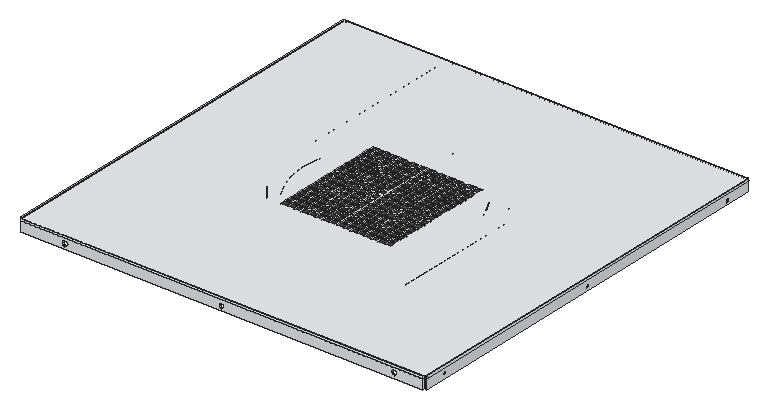
Revit family "DT22", category Communication Devices, host Face, Revit 2014 (continued)
Definition of nested family "ATLAS SOUND_DT22"
  Automatic sketch dimensions
    Extrusion 19 sketch curve to plane 1 "Center (Front/Back)" = 0.00"
    plane 14 to Extrusion 19 sketch curve = 0.28452"
    plane 6 to Extrusion 19 sketch curve = 1.45299"
    Extrusion 19 sketch curve to Extrusion 19 sketch curve = 1.32799"
    plane 14 to Extrusion 19 sketch curve = 0.23783"
    Extrusion 19 sketch curve to plane 5 = 1.6717"
    Extrusion 19 sketch curve to Extrusion 19 sketch curve = 1.5467"
    plane 14 to Extrusion 19 sketch curve = 0.22673"
    curve 629 to plane 7 = 0.00"
    curve 620 to plane 8 = 0.00"
    plane 7 to curve 9 = 0.05"
    plane 7 to curve 628 = 0.05"
    plane 11 to curve 13 = 2.395"
    curve 240 to curve 13 = 0.00"
    curve 82 to curve 13 = 0.00"
    plane 11 to curve 327 = 2.395"
    curve 138 to curve 139 = 0.00"
    curve 134 to plane 1 "Center (Front/Back)" = 0.58285"
    curve 134 to curve 138 = 0.00"
    curve 138 to curve 238 = 0.34339"
    curve 91 to curve 243 = 0.00"
    curve 122 to curve 124 = 0.34339"
    curve 84 to curve 90 = 0.00"
    plane 1 "Center (Front/Back)" to curve 448 = 0.29866"
    curve 133 to curve 448 = 0.40625"
    curve 90 to curve 167 = 0.06286"
    curve 12 to curve 15 = 0.40625"
    curve 477 to curve 445 = 0.00"
    curve 441 to curve 454 = 0.00"
    curve 238 to curve 246 = 0.06286"
    curve 439 to curve 421 = 0.00"
    curve 20 to curve 21 = 0.06286"
    curve 336 to curve 434 = 0.00"
    curve 456 to curve 421 = 0.00"
    curve 123 to curve 329 = 0.06286"
    curve 21 to curve 93 = 0.34339"
    curve 92 to curve 23 = 0.00"
    curve 452 to curve 451 = 0.34339"
    curve 448 to curve 449 = 0.00"
    curve 454 to curve 478 = 0.34339"
    curve 329 to curve 332 = 0.34339"
    curve 421 to curve 423 = 0.34339"
    curve 439 to curve 423 = 0.00"
    curve 244 to curve 246 = 0.34339"
    curve 436 to curve 330 = 0.00"
    curve 459 to curve 423 = 0.00"
    curve 15 to curve 24 = 0.39346"
    curve 331 to curve 333 = 0.05007"
    curve 423 to curve 422 = 0.05007"
    curve 437 to curve 418 = 0.05007"
    curve 23 to curve 207 = 0.05007"
    curve 458 to curve 464 = 0.05007"
    curve 92 to curve 168 = 0.05007"
    curve 144 to curve 146 = 0.34339"
    curve 25 to curve 87 = 0.34339"
    curve 461 to curve 462 = 0.34339"
    curve 88 to curve 26 = 0.00"
    curve 417 to curve 420 = 0.34339"
    curve 429 to curve 417 = 0.00"
    curve 333 to curve 341 = 0.34339"
    curve 428 to curve 431 = 0.06286"
    curve 89 to curve 209 = 0.06286"
    curve 146 to curve 150 = 0.06286"
    curve 463 to curve 468 = 0.06286"
    curve 24 to curve 28 = 0.06286"
    curve 340 to curve 345 = 0.06286"
    curve 416 to curve 431 = 0.00"
    curve 415 to curve 414 = 0.34339"
    curve 148 to curve 151 = 0.34339"
    curve 433 to curve 414 = 0.00"
    curve 28 to curve 28 = 0.34339"
    curve 342 to curve 345 = 0.34339"
    curve 210 to curve 148 = 0.00"
    curve 465 to curve 466 = 0.34339"
    curve 414 to curve 412 = 0.07565"
    curve 148 to curve 176 = 0.07565"
    curve 466 to curve 469 = 0.07565"
    curve 409 to curve 410 = 0.00"  (x2)
    curve 28 to curve 32 = 0.07565"
    curve 95 to curve 98 = 0.07565"
    curve 344 to curve 346 = 0.07565"
    curve 32 to curve 35 = 0.34339"
    curve 404 to curve 406 = 0.34339"
    curve 153 to curve 179 = 0.34339"
    curve 212 to curve 152 = 0.00"
    curve 410 to curve 410 = 0.34339"
    curve 346 to curve 349 = 0.34339"
    curve 100 to curve 102 = 0.06286"
    curve 152 to curve 156 = 0.06286"
    curve 347 to curve 392 = 0.06286"
    curve 410 to curve 394 = 0.06286"
    curve 160 to curve 157 = 0.00"
    curve 405 to curve 396 = 0.06286"
    curve 405 to curve 470 = 0.06286"
    curve 510 to plane 1 "Center (Front/Back)" = 0.13266"
    curve 446 to curve 510 = 1.28161"
    curve 507 to curve 509 = 0.00"
    curve 348 to curve 353 = 0.06286"
    curve 34 to curve 41 = 0.06286"
    curve 161 to curve 162 = 0.34339"
    curve 156 to curve 181 = 0.34339"
    curve 400 to curve 402 = 0.34339"
    curve 509 to curve 512 = 0.34339"
    curve 393 to curve 395 = 0.34339"
    curve 102 to curve 103 = 0.34339"
    curve 391 to curve 391 = 0.34339"
    curve 40 to curve 103 = 0.00"
    curve 351 to curve 390 = 0.00"
    curve 394 to curve 381 = 0.05007"
    curve 380 to curve 381 = 0.00"  (x2)
    curve 39 to curve 45 = 0.05007"
    curve 509 to curve 514 = 0.05007"
    curve 399 to curve 377 = 0.05007"
    curve 156 to curve 184 = 0.05007"
    curve 389 to curve 388 = 0.05007"
    curve 104 to curve 106 = 0.05007"
    curve 352 to curve 354 = 0.05007"
    curve 354 to curve 357 = 0.34339"
    curve 106 to curve 107 = 0.34339"
    curve 382 to curve 382 = 0.34339"
    curve 185 to curve 187 = 0.34339"
    curve 375 to curve 374 = 0.34339"
    curve 385 to curve 382 = 0.00"
    curve 42 to curve 43 = 0.34339"
    curve 236 to plane 3 "Center (Left/Right)" = 0.57904"
    curve 44 to curve 49 = 0.06286"
    curve 186 to curve 597 = 0.06286"
    curve 356 to curve 358 = 0.06286"
    curve 362 to curve 358 = 0.00"
    curve 107 to curve 110 = 0.06286"
    curve 186 to curve 191 = 0.06286"
    curve 374 to curve 371 = 0.06286"
    curve 190 to plane 3 "Center (Left/Right)" = 0.23565"
    curve 47 to plane 3 "Center (Left/Right)" = 0.23565"
    curve 313 to plane 3 "Center (Left/Right)" = 0.23565"
    curve 218 to curve 48 = 0.00"
    curve 596 to curve 313 = 0.00"
    curve 359 to plane 3 "Center (Left/Right)" = 0.23565"
    curve 362 to curve 359 = 0.00"
    curve 373 to plane 3 "Center (Left/Right)" = 0.23565"
    curve 368 to plane 3 "Center (Left/Right)" = 0.23565"
    curve 594 to curve 607 = 0.11065"
    curve 608 to curve 517 = 0.00"
    curve 235 to curve 286 = 0.00"
    curve 110 to curve 614 = 0.11065"
    curve 53 to curve 114 = 0.00"  (x2)
    curve 192 to curve 517 = 0.00"
    plane 3 "Center (Left/Right)" to curve 195 = 0.21839"
    plane 3 "Center (Left/Right)" to curve 114 = 0.21839"
    curve 604 to curve 194 = 0.00"
    plane 3 "Center (Left/Right)" to curve 284 = 0.21839"
    curve 237 to curve 605 = 0.00"
    plane 3 "Center (Left/Right)" to curve 493 = 0.28125"
    curve 494 to curve 491 = 0.00"
    curve 116 to curve 221 = 0.06286"
    plane 3 "Center (Left/Right)" to curve 487 = 0.28125"
    curve 193 to curve 198 = 0.06286"
    plane 3 "Center (Left/Right)" to curve 501 = 0.28125"
    curve 51 to curve 54 = 0.06286"
    curve 486 to curve 482 = 0.34339"
    curve 486 to curve 482 = 0.00"
    curve 118 to curve 118 = 0.34339"
    curve 490 to curve 488 = 0.00"
    curve 494 to curve 492 = 0.00"
    curve 498 to curve 496 = 0.00"
    curve 197 to curve 199 = 0.34339"
    curve 501 to curve 499 = 0.00"
    curve 57 to curve 118 = 0.00"
    curve 197 to curve 200 = 0.05007"
    curve 54 to curve 58 = 0.05007"
    curve 482 to curve 484 = 0.05007"
    curve 502 to curve 589 = 0.05007"
    curve 590 to curve 592 = 0.34339"
    curve 591 to curve 587 = 0.00"
    curve 200 to curve 202 = 0.34339"
    curve 58 to curve 59 = 0.34339"
    curve 601 to curve 60 = 0.00"
    curve 480 to curve 480 = 0.34339"
    curve 60 to curve 65 = 0.06286"
    curve 588 to curve 585 = 0.06286"
    curve 224 to curve 225 = 0.06286"
    curve 62 to curve 64 = 0.34339"
    curve 585 to curve 582 = 0.34339"
    curve 584 to curve 583 = 0.34339"
    curve 225 to curve 249 = 0.34339"
    curve 63 to curve 67 = 0.07565"
    curve 226 to curve 250 = 0.07565"
    curve 227 to curve 250 = 0.34339"
    curve 66 to curve 66 = 0.34339"
    curve 68 to curve 70 = 0.06286"
    curve 228 to curve 229 = 0.06286"
    curve 229 to curve 230 = 0.34339"
    curve 73 to curve 230 = 0.00"
    curve 230 to curve 536 = 0.05007"
    curve 72 to curve 74 = 0.05007"
    curve 256 to curve 231 = 0.00"
    curve 256 to curve 258 = 0.34339"
    curve 74 to curve 77 = 0.34339"
    curve 231 to curve 252 = 0.34339"
    curve 232 to curve 233 = 0.06286"
    curve 255 to curve 325 = 0.06286"
    curve 255 to curve 254 = 0.06286"
    curve 75 to curve 78 = 0.06286"
    curve 295 to curve 525 = 0.34339"
    curve 254 to curve 523 = 0.34339"
    curve 233 to curve 520 = 0.34339"
    curve 78 to curve 78 = 0.34339"
    curve 620 to plane 8 = 0.05369"
    curve 5 to plane 8 = 0.05"
    curve 10 to curve 11 = 0.00347"
    plane 13 to curve 123 = 2.44474"
    curve 123 to curve 329 = 0.00"
    curve 331 to curve 361 = 0.00"
    curve 360 to curve 590 = 0.00"
    curve 588 to curve 585 = 0.00"
    curve 331 to curve 333 = 0.00"  (x2)
    curve 357 to curve 358 = 0.00"
    curve 340 to curve 342 = 0.00"  (x2)
    curve 353 to curve 354 = 0.00"
    curve 344 to curve 346 = 0.00"  (x2)
    curve 348 to curve 348 = 0.36814"
    curve 347 to curve 350 = 0.00"
    curve 351 to curve 354 = 0.00"
    curve 355 to curve 358 = 0.00"
    curve 359 to curve 503 = 0.00"
    curve 588 to curve 588 = 0.36814"
    curve 125 to curve 329 = 0.00"
    curve 354 to curve 388 = 0.05813"
    curve 350 to curve 392 = 0.05813"
    curve 588 to curve 592 = 0.05813"
    curve 587 to curve 586 = 0.00"
    curve 330 to curve 334 = 0.05813"
    curve 359 to curve 366 = 0.05813"
    curve 499 to curve 592 = 0.00"
    curve 362 to curve 363 = 0.35264"
    curve 499 to curve 500 = 0.35264"
    curve 334 to curve 435 = 0.35264"
    curve 391 to curve 392 = 0.35264"
    curve 587 to curve 593 = 0.35264"
    curve 389 to curve 388 = 0.00"
    curve 335 to curve 434 = 0.06085"
    curve 385 to curve 384 = 0.06085"
    curve 437 to curve 420 = 0.00"
    curve 498 to curve 495 = 0.06085"
    curve 389 to curve 411 = 0.06085"
    curve 418 to curve 444 = 0.33075"
    curve 417 to curve 416 = 0.00"
    curve 411 to curve 413 = 0.33075"
    curve 439 to curve 417 = 0.00"
    curve 382 to curve 395 = 0.33075"
    curve 496 to curve 494 = 0.33075"
    curve 394 to curve 384 = 0.00"
    curve 494 to curve 493 = 0.062"
    curve 415 to curve 432 = 0.062"
    curve 381 to curve 368 = 0.062"
    curve 417 to curve 429 = 0.062"
    curve 381 to curve 379 = 0.062"
    curve 434 to curve 425 = 0.062"
    curve 393 to curve 397 = 0.062"
    curve 410 to curve 408 = 0.062"
    curve 422 to curve 443 = 0.34101"
    curve 442 to curve 422 = 0.00"
    curve 492 to curve 492 = 0.34101"
    curve 379 to curve 379 = 0.34101"
    curve 408 to curve 408 = 0.34101"
    curve 433 to curve 407 = 0.00"
    curve 368 to curve 370 = 0.34101"
    curve 407 to curve 396 = 0.00"
    curve 396 to curve 400 = 0.06778"
    curve 421 to curve 456 = 0.06778"
    curve 378 to curve 475 = 0.06778"
    curve 458 to curve 461 = 0.00"  (x2)
    curve 407 to curve 404 = 0.06778"
    curve 463 to curve 465 = 0.00"  (x2)
    curve 490 to curve 487 = 0.06778"
    curve 375 to curve 375 = 0.35651"
    curve 404 to curve 469 = 0.35651"
    curve 374 to curve 373 = 0.00"
    curve 467 to curve 403 = 0.00"
    curve 403 to curve 470 = 0.00"
    curve 488 to curve 489 = 0.35651"
    curve 457 to curve 453 = 0.07363"
    curve 486 to curve 485 = 0.07363"
    curve 482 to curve 481 = 0.00"
    curve 454 to curve 455 = 0.44177"
    curve 483 to curve 480 = 0.44177"
    curve 452 to curve 451 = 0.07513"
    curve 450 to curve 447 = 0.08761"
    plane 1 "Center (Front/Back)" to curve 512 = 0.29866"
    curve 447 to plane 1 "Center (Front/Back)" = 0.13266"
    curve 509 to curve 514 = 0.00"
    curve 133 to plane 1 "Center (Front/Back)" = 0.2308"
    curve 509 to curve 507 = 0.09814"
    curve 525 to plane 1 "Center (Front/Back)" = 0.65861"
    curve 519 to plane 1 "Center (Front/Back)" = 1.05077"
    curve 287 to curve 287 = 0.32977"
    curve 295 to curve 254 = 0.80215"
    curve 255 to curve 254 = 0.00"  (x2)
    curve 235 to curve 598 = 0.08022"
    curve 235 to curve 518 = 0.08022"
    curve 236 to curve 313 = 0.27496"
    curve 289 to curve 608 = 0.0459"
    curve 236 to curve 162 = 0.3924"
    curve 237 to curve 605 = 0.07154"
    curve 289 to curve 597 = 0.11744"
    curve 133 to curve 246 = 1.27032"
    curve 238 to curve 244 = 0.00"
    curve 517 to curve 607 = 0.30614"
    curve 161 to curve 160 = 0.30614"
    curve 596 to curve 597 = 0.30614"
    curve 160 to curve 180 = 0.07676"
    curve 179 to curve 157 = 0.00"
    curve 604 to curve 203 = 0.07676"
    curve 238 to curve 91 = 0.3829"
    curve 175 to curve 153 = 0.00"
    curve 171 to curve 149 = 0.00"
    curve 199 to curve 200 = 0.00"
    curve 91 to curve 167 = 0.00"
    curve 157 to curve 185 = 0.00"
    curve 186 to curve 188 = 0.00"
    curve 517 to curve 516 = 0.07676"
    curve 146 to curve 145 = 0.35651"
    curve 145 to curve 148 = 0.00"
    curve 142 to curve 144 = 0.00"
    curve 139 to curve 139 = 0.35651"
    curve 148 to curve 152 = 0.00"
    curve 152 to curve 156 = 0.00"
    curve 194 to curve 617 = 0.35651"
    curve 156 to curve 184 = 0.00"
    curve 184 to curve 188 = 0.00"
    curve 193 to curve 196 = 0.00"
    curve 196 to curve 200 = 0.00"
    curve 152 to curve 100 = 0.08913"
    curve 201 to curve 602 = 0.08913"
    curve 148 to curve 97 = 0.08913"
    curve 100 to curve 102 = 0.00"
    curve 224 to curve 249 = 0.00"
    curve 226 to curve 250 = 0.00"
    curve 228 to curve 251 = 0.00"
    curve 92 to curve 93 = 0.08913"
    curve 89 to curve 94 = 0.00"
    curve 230 to curve 252 = 0.00"
    curve 232 to curve 253 = 0.00"
    curve 90 to curve 18 = 0.08913"
    curve 104 to curve 106 = 0.00"  (x2)
    curve 222 to curve 248 = 0.00"
    curve 220 to curve 119 = 0.00"
    curve 189 to curve 218 = 0.08913"
    curve 119 to curve 119 = 0.3244"
    curve 616 to curve 118 = 0.00"
    curve 20 to curve 612 = 0.3244"
    curve 112 to curve 114 = 0.00"
    curve 108 to curve 110 = 0.00"
    curve 234 to curve 520 = 0.3244"
    curve 19 to curve 205 = 0.00"
    curve 101 to curve 102 = 0.00"
    curve 22 to curve 207 = 0.00"
    curve 88 to curve 209 = 0.00"
    curve 224 to curve 602 = 0.3244"
    curve 103 to curve 40 = 0.08913"
    curve 114 to curve 53 = 0.08913"
    curve 52 to curve 55 = 0.00"
    curve 98 to curve 36 = 0.08913"
    curve 56 to curve 58 = 0.00"
    curve 31 to curve 32 = 0.00"
    curve 60 to curve 62 = 0.00"
    curve 232 to curve 76 = 0.41353"
    curve 39 to curve 42 = 0.00"
    curve 64 to curve 67 = 0.00"
    curve 44 to curve 49 = 0.00"
    curve 234 to curve 79 = 0.08913"
    curve 87 to curve 29 = 0.00"
    curve 68 to curve 73 = 0.00"
    curve 18 to curve 13 = 0.08913"
    curve 13 to curve 16 = 0.00"
    curve 70 to curve 71 = 0.31476"
    curve 69 to curve 70 = 0.00"
    curve 44 to curve 44 = 0.31476"
    curve 25 to curve 24 = 0.31476"
    curve 16 to curve 16 = 0.31476"
    curve 13 to curve 14 = 0.31476"
    curve 24 to curve 28 = 0.00"
    curve 71 to curve 74 = 0.00"
    curve 75 to curve 80 = 0.00"
    curve 43 to curve 46 = 0.00"
    curve 47 to curve 50 = 0.00"
    curve 37 to curve 41 = 0.31476"
    curve 58 to curve 223 = 0.31476"
    curve 64 to curve 66 = 0.00"
    curve 28 to curve 32 = 0.00"
    curve 57 to curve 58 = 0.00"
    curve 623 to plane 5 = 0.125"
    curve 621 to plane 5 = 0.00"
    plane 7 to curve 621 = 0.12736"
    curve 628 to curve 627 = 0.07736"
    curve 622 to plane 5 = 0.05"
    curve 621 to curve 622 = 0.00608"
    curve 8 to curve 7 = 0.00608"
    curve 2 to plane 11 = 3.01"
    curve 137 to curve 138 = 0.00"
    curve 136 to curve 137 = 0.00"
    curve 135 to curve 136 = 0.00"
    curve 132 to curve 133 = 0.00"
    curve 131 to curve 132 = 0.00"
    curve 130 to curve 131 = 0.00"
    curve 129 to curve 456 = 0.40625"
    curve 128 to curve 129 = 0.00"
    curve 127 to curve 128 = 0.00"
    curve 126 to curve 127 = 0.00"
    curve 129 to curve 456 = 0.06286"
    curve 13 to curve 16 = 0.06286"
    curve 12 to curve 15 = 0.06286"
    curve 137 to curve 319 = 0.34339"
    curve 317 to curve 319 = 0.00"
    curve 317 to curve 318 = 0.06286"
    curve 449 to curve 445 = 0.00"
    curve 319 to curve 322 = 0.06286"
    curve 451 to curve 452 = 0.00"
    curve 324 to curve 318 = 0.00"
    curve 15 to curve 24 = 0.05007"
    curve 17 to curve 25 = 0.05007"
    curve 318 to curve 320 = 0.34339"
    curve 321 to curve 245 = 0.00"
    curve 245 to curve 247 = 0.05007"
    curve 453 to curve 479 = 0.05007"
    curve 321 to curve 323 = 0.39346"
    curve 247 to curve 146 = 0.00"
    curve 407 to curve 396 = 0.06286"
    curve 508 to curve 509 = 0.00"
    curve 398 to curve 379 = 0.05007"
    curve 396 to curve 378 = 0.05007"
    curve 312 to curve 236 = 0.06286"
    curve 293 to curve 236 = 0.06286"
    curve 292 to curve 312 = 0.00"
    curve 378 to curve 374 = 0.00"
    curve 513 to curve 514 = 0.34339"
    curve 292 to curve 316 = 0.06286"
    curve 315 to curve 316 = 0.00"
    curve 311 to curve 315 = 0.00"  (x2)
    curve 381 to curve 367 = 0.06286"
    curve 368 to curve 367 = 0.00"
    curve 378 to curve 370 = 0.06286"
    curve 291 to curve 316 = 0.00"
    curve 314 to curve 287 = 0.11065"
    curve 310 to plane 3 "Center (Left/Right)" = 0.23565"
    curve 288 to curve 314 = 0.00"
    curve 367 to curve 368 = 0.00"
    curve 310 to curve 309 = 0.11065"
    curve 360 to curve 505 = 0.11065"
    curve 506 to curve 505 = 0.00"  (x2)
    plane 3 "Center (Left/Right)" to curve 308 = 0.21839"
    curve 504 to curve 503 = 0.06286"
    curve 485 to curve 486 = 0.00"
    curve 498 to curve 495 = 0.00"
    curve 235 to curve 283 = 0.06286"
    curve 499 to curve 501 = 0.00"
    curve 308 to curve 307 = 0.06286"
    curve 237 to curve 282 = 0.06286"
    curve 283 to curve 280 = 0.34339"
    curve 282 to curve 281 = 0.34339"
    curve 306 to curve 280 = 0.00"
    curve 281 to curve 278 = 0.05007"
    curve 280 to curve 279 = 0.05007"
    curve 120 to curve 248 = 0.05007"
    curve 118 to curve 599 = 0.05007"
    curve 306 to curve 305 = 0.05007"
    curve 601 to curve 599 = 0.00"
    curve 498 to curve 593 = 0.05007"
    curve 499 to curve 592 = 0.05007"
    curve 305 to curve 304 = 0.34339"
    curve 279 to curve 276 = 0.34339"
    curve 278 to curve 277 = 0.34339"
    curve 304 to curve 303 = 0.06286"
    curve 586 to curve 585 = 0.00"
    curve 277 to curve 274 = 0.06286"
    curve 275 to curve 303 = 0.00"
    curve 581 to curve 582 = 0.00"
    curve 580 to curve 581 = 0.00"
    curve 579 to curve 580 = 0.00"
    curve 578 to curve 579 = 0.00"
    curve 577 to curve 578 = 0.00"
    curve 274 to curve 572 = 0.34339"
    curve 576 to curve 577 = 0.00"
    curve 575 to curve 576 = 0.00"
    curve 275 to curve 574 = 0.34339"
    curve 573 to curve 574 = 0.00"
    curve 273 to curve 573 = 0.00"  (x2)
    curve 272 to curve 574 = 0.00"  (x3)
    curve 302 to curve 272 = 0.00"
    curve 571 to curve 572 = 0.00"
    curve 272 to curve 271 = 0.07565"
    curve 273 to curve 270 = 0.07565"
    curve 302 to curve 301 = 0.07565"
    curve 270 to curve 261 = 0.34339"
    curve 576 to curve 564 = 0.41904"
    curve 268 to curve 261 = 0.00"
    curve 269 to curve 261 = 0.00"
    curve 570 to curve 261 = 0.00"
    curve 300 to curve 268 = 0.00"
    curve 300 to curve 299 = 0.06286"
    curve 261 to curve 569 = 0.06286"
    curve 260 to curve 569 = 0.00"  (x2)
    curve 267 to curve 299 = 0.00"
    curve 568 to curve 267 = 0.00"
    curve 567 to curve 299 = 0.00"  (x2)
    curve 566 to curve 299 = 0.00"
    curve 564 to curve 565 = 0.06286"
    curve 563 to curve 565 = 0.00"
    curve 562 to curve 563 = 0.00"
    curve 561 to curve 562 = 0.00"
    curve 560 to curve 561 = 0.00"
    curve 559 to curve 560 = 0.00"
    curve 558 to curve 559 = 0.00"
    curve 557 to curve 558 = 0.00"
    curve 299 to curve 547 = 0.34339"
    curve 548 to curve 547 = 0.00"
    curve 549 to curve 548 = 0.00"
    curve 550 to curve 549 = 0.00"
    curve 551 to curve 550 = 0.00"
    curve 552 to curve 551 = 0.00"
    curve 553 to curve 552 = 0.00"
    curve 554 to curve 553 = 0.00"
    curve 555 to curve 554 = 0.00"
    curve 556 to curve 555 = 0.00"
    curve 546 to curve 547 = 0.00"
    curve 545 to curve 256 = 0.05007"
    curve 544 to curve 545 = 0.00"
    curve 543 to curve 544 = 0.00"
    curve 259 to curve 545 = 0.00"  (x2)
    curve 266 to curve 546 = 0.00"  (x2)
    curve 298 to curve 547 = 0.00"
    curve 298 to curve 297 = 0.05007"
    curve 266 to curve 265 = 0.05007"
    curve 542 to curve 295 = 0.06286"
    curve 264 to curve 255 = 0.00"
    curve 541 to curve 264 = 0.00"  (x2)
    curve 296 to curve 542 = 0.00"  (x3)
    curve 556 to curve 535 = 0.39346"
    curve 539 to curve 540 = 0.00"
    curve 538 to curve 232 = 0.00"
    curve 263 to curve 295 = 0.00"
    curve 535 to curve 534 = 0.40625"
    curve 533 to curve 534 = 0.00"
    curve 532 to curve 533 = 0.00"
    curve 531 to curve 532 = 0.00"
    curve 530 to curve 531 = 0.00"
    curve 529 to curve 530 = 0.00"
    curve 528 to curve 529 = 0.00"
    curve 527 to curve 528 = 0.00"
    curve 526 to curve 527 = 0.00"
    curve 524 to curve 294 = 0.00"
    curve 522 to curve 523 = 0.00"
    curve 521 to curve 522 = 0.00"
    curve 262 to curve 524 = 0.00"  (x3)
    curve 1 to plane 10 = 0.495"
    curve 1 to curve 1 = 0.034"
    curve 3 to curve 4 = 0.00608"
    curve 7 to curve 8 = 0.00608"
    plane 6 to curve 625 = 0.05"
    curve 625 to curve 625 = 0.08344"
    curve 619 to curve 619 = 0.08344"
    curve 624 to plane 6 = 0.00"
    curve 502 to curve 589 = 0.00"
    curve 503 to curve 502 = 0.00"
    curve 504 to curve 503 = 0.00"
    curve 360 to curve 505 = 0.00"
    curve 583 to curve 534 = 0.00"
    curve 535 to curve 534 = 0.00"
    curve 583 to curve 557 = 0.00"
    curve 557 to curve 556 = 0.00"  (x2)
    curve 557 to curve 557 = 0.36814"
    curve 535 to curve 535 = 0.36814"
    curve 534 to curve 534 = 0.36814"
    curve 583 to curve 582 = 0.05813"
    curve 359 to curve 506 = 0.00"
    curve 585 to curve 586 = 0.05813"
    curve 505 to curve 506 = 0.00"
    curve 504 to curve 501 = 0.00"
    curve 122 to curve 126 = 0.05813"
    curve 557 to curve 558 = 0.05813"
    curve 556 to curve 555 = 0.05813"
    curve 534 to curve 533 = 0.05813"
    curve 533 to curve 533 = 0.35264"
    curve 555 to curve 555 = 0.35264"
    curve 558 to curve 555 = 0.00"
    curve 582 to curve 582 = 0.35264"
    curve 126 to curve 126 = 0.35264"
    curve 582 to curve 581 = 0.06085"
    curve 126 to curve 127 = 0.06085"
    curve 389 to curve 393 = 0.06085"
    curve 558 to curve 559 = 0.06085"
    curve 555 to curve 554 = 0.06085"
    curve 533 to curve 532 = 0.06085"
    curve 395 to curve 382 = 0.00"
    curve 414 to curve 411 = 0.00"
    curve 419 to curve 415 = 0.00"
    curve 367 to curve 368 = 0.062"
    curve 532 to curve 532 = 0.33075"
    curve 554 to curve 554 = 0.33075"
    curve 559 to curve 559 = 0.33075"
    curve 581 to curve 581 = 0.33075"
    curve 127 to curve 127 = 0.33075"
    curve 581 to curve 580 = 0.062"
    curve 559 to curve 560 = 0.062"
    curve 554 to curve 553 = 0.062"
    curve 532 to curve 531 = 0.062"
    curve 127 to curve 128 = 0.062"
    plane 1 "Center (Front/Back)" to curve 2 = 1.909"
    curve 2 to curve 2 = 0.034"
    curve 128 to curve 128 = 0.34101"
    curve 580 to curve 580 = 0.34101"
    curve 560 to curve 560 = 0.34101"
    curve 553 to curve 553 = 0.34101"
    curve 531 to curve 531 = 0.34101"
    curve 553 to curve 552 = 0.06778"
    curve 531 to curve 530 = 0.06778"
    curve 560 to curve 561 = 0.06778"
    curve 580 to curve 579 = 0.06778"
    curve 374 to curve 371 = 0.00"
    curve 369 to curve 373 = 0.06778"
    curve 129 to curve 456 = 0.00"
    curve 579 to curve 579 = 0.35651"
    curve 530 to curve 530 = 0.35651"
    curve 561 to curve 561 = 0.35651"
    curve 561 to curve 552 = 0.00"
    curve 130 to curve 454 = 0.00"
    curve 552 to curve 551 = 0.07363"
    curve 453 to curve 479 = 0.00"
    curve 530 to curve 529 = 0.07363"
    curve 579 to curve 578 = 0.07363"
    curve 561 to curve 562 = 0.07363"
    curve 562 to curve 562 = 0.44177"
    curve 562 to curve 551 = 0.00"
    curve 480 to curve 578 = 0.00"
    curve 452 to curve 479 = 0.00"
    curve 529 to curve 529 = 0.44177"
    curve 130 to curve 452 = 0.00"
    curve 482 to curve 480 = 0.00"
    curve 562 to curve 563 = 0.07513"
    curve 529 to curve 528 = 0.07513"
    curve 130 to curve 131 = 0.07513"
    curve 578 to curve 577 = 0.07513"
    curve 551 to curve 550 = 0.07513"
    curve 577 to curve 577 = 0.38565"
    curve 131 to curve 131 = 0.38565"
    curve 563 to curve 563 = 0.38565"
    curve 528 to curve 528 = 0.38565"
    curve 563 to curve 550 = 0.00"
    plane 1 "Center (Front/Back)" to curve 1 = 0.375"
    curve 511 to curve 513 = 0.00"
    curve 528 to curve 527 = 0.08761"
    curve 563 to curve 565 = 0.08761"
    curve 577 to curve 576 = 0.08761"
    curve 550 to curve 549 = 0.08761"
    curve 564 to curve 565 = 0.00"  (x2)
    curve 131 to curve 132 = 0.08761"
    curve 576 to plane 1 "Center (Front/Back)" = 0.13266"
    curve 565 to plane 1 "Center (Front/Back)" = 0.13266"
    curve 527 to plane 1 "Center (Front/Back)" = 0.13266"
    curve 132 to curve 133 = 0.09814"
    curve 549 to plane 1 "Center (Front/Back)" = 0.13266"
    curve 527 to curve 526 = 0.09814"
    curve 576 to curve 575 = 0.09814"
    curve 549 to curve 548 = 0.09814"
    curve 565 to curve 566 = 0.09814"
    curve 548 to curve 548 = 0.35206"
    curve 507 to curve 507 = 0.35206"
    curve 575 to curve 575 = 0.35206"
    curve 566 to curve 548 = 0.00"
    curve 526 to curve 294 = 0.07576"
    curve 548 to curve 297 = 0.07576"
    curve 133 to curve 135 = 0.07576"
    curve 566 to curve 567 = 0.07576"
    curve 542 to curve 295 = 0.00"
    curve 298 to curve 297 = 0.00"  (x2)
    curve 299 to curve 567 = 0.00"
    curve 547 to curve 298 = 0.00"  (x2)
    curve 300 to curve 299 = 0.00"  (x2)
    curve 135 to curve 324 = 0.00"
    curve 514 to curve 315 = 0.52595"
    curve 312 to curve 315 = 0.00"
    curve 575 to curve 301 = 0.07576"
    curve 302 to curve 301 = 0.00"  (x2)
    curve 311 to curve 310 = 0.00"
    curve 303 to curve 302 = 0.00"
    curve 304 to curve 303 = 0.00"  (x2)
    curve 310 to curve 309 = 0.00"  (x2)
    curve 309 to curve 308 = 0.00"
    curve 305 to curve 304 = 0.00"
    curve 306 to curve 305 = 0.00"  (x2)
    curve 308 to curve 307 = 0.00"  (x2)
    curve 306 to curve 306 = 0.33423"
    curve 308 to curve 308 = 0.33423"
    curve 309 to curve 287 = 0.05793"
    curve 304 to curve 304 = 0.33423"
    curve 311 to curve 311 = 0.33423"
    curve 302 to curve 302 = 0.33423"
    curve 312 to curve 311 = 0.00"
    curve 324 to curve 324 = 0.33423"
    curve 300 to curve 300 = 0.33423"
    curve 135 to curve 135 = 0.33423"
    curve 294 to curve 525 = 0.33423"
    curve 547 to curve 298 = 0.33423"
    curve 296 to curve 542 = 0.33423"
    curve 296 to curve 295 = 0.00"
    curve 294 to curve 525 = 0.00"
    curve 315 to curve 311 = 0.00"
    curve 135 to curve 136 = 0.05793"
    curve 311 to curve 291 = 0.05793"
    curve 294 to curve 524 = 0.05793"
    curve 312 to curve 292 = 0.05793"
    curve 296 to curve 541 = 0.05793"
    curve 298 to curve 546 = 0.05793"
    curve 295 to curve 263 = 0.05793"
    curve 310 to curve 288 = 0.05793"
    curve 299 to curve 568 = 0.05793"
    curve 264 to curve 541 = 0.00"
    curve 302 to curve 574 = 0.05793"
    curve 546 to curve 265 = 0.00"
    curve 267 to curve 568 = 0.00"  (x2)
    curve 308 to curve 284 = 0.05793"
    curve 300 to curve 268 = 0.05793"
    curve 324 to curve 320 = 0.05793"
    curve 307 to curve 283 = 0.05793"
    curve 324 to curve 318 = 0.05793"
    curve 317 to curve 318 = 0.00"  (x2)
    curve 316 to curve 291 = 0.00"  (x2)
    curve 314 to curve 288 = 0.00"  (x2)
    curve 306 to curve 280 = 0.05793"
    curve 301 to curve 271 = 0.05793"
    curve 280 to curve 279 = 0.00"  (x2)
    curve 303 to curve 275 = 0.05793"
    curve 304 to curve 276 = 0.05793"
    curve 288 to curve 236 = 0.08022"
    curve 568 to curve 568 = 0.32977"
    curve 263 to curve 254 = 0.08022"
    curve 276 to curve 276 = 0.32977"
    curve 276 to curve 275 = 0.00"
    curve 264 to curve 263 = 0.00"
    curve 136 to curve 136 = 0.32977"
    curve 574 to curve 574 = 0.32977"
    curve 265 to curve 256 = 0.08022"
    curve 279 to curve 279 = 0.32977"
    curve 272 to curve 271 = 0.00"
    curve 291 to curve 236 = 0.08022"
    curve 266 to curve 265 = 0.00"
    curve 524 to curve 257 = 0.08022"
    curve 317 to curve 317 = 0.32977"
    curve 292 to curve 291 = 0.00"
    curve 546 to curve 266 = 0.00"
    curve 268 to curve 267 = 0.00"
    curve 320 to curve 320 = 0.32977"
    curve 235 to curve 283 = 0.00"
    curve 318 to curve 322 = 0.08022"
    curve 320 to curve 321 = 0.08022"
    curve 268 to curve 269 = 0.08022"
    curve 319 to curve 322 = 0.00"  (x2)
    curve 545 to curve 256 = 0.00"
    curve 293 to curve 236 = 0.00"
    curve 283 to curve 282 = 0.08022"
    curve 280 to curve 281 = 0.08022"
    curve 271 to curve 270 = 0.08022"
    curve 285 to curve 282 = 0.00"
    curve 273 to curve 270 = 0.00"  (x2)
    curve 573 to curve 273 = 0.00"
    curve 275 to curve 274 = 0.08022"
    curve 136 to curve 137 = 0.08022"
    curve 281 to curve 278 = 0.00"  (x2)
    curve 269 to curve 260 = 0.00"
    curve 569 to curve 260 = 0.00"
    curve 608 to curve 286 = 0.00"
    curve 277 to curve 274 = 0.00"  (x2)
    curve 261 to curve 269 = 0.00"  (x2)
    curve 321 to curve 323 = 0.00"
    curve 569 to curve 569 = 0.32086"
    curve 545 to curve 259 = 0.32086"
    curve 277 to curve 277 = 0.32086"
    curve 573 to curve 573 = 0.32086"
    curve 259 to curve 256 = 0.00"
    curve 137 to curve 138 = 0.07154"
    curve 545 to curve 259 = 0.00"
    curve 278 to curve 278 = 0.32086"
    curve 269 to curve 569 = 0.00"
    curve 255 to curve 255 = 0.32086"
    curve 323 to curve 323 = 0.32086"
    curve 293 to curve 596 = 0.07154"
    curve 322 to curve 244 = 0.07154"
    curve 321 to curve 245 = 0.07154"
    curve 540 to curve 255 = 0.00"
    curve 293 to curve 290 = 0.00"
    curve 289 to curve 313 = 0.0459"
    curve 257 to curve 523 = 0.32086"
    curve 598 to curve 290 = 0.00"
    curve 237 to curve 282 = 0.00"
    curve 523 to curve 522 = 0.07154"
    curve 540 to curve 539 = 0.07154"
    curve 259 to curve 544 = 0.07154"
    curve 573 to curve 572 = 0.07154"
    curve 261 to curve 570 = 0.07154"
    curve 544 to curve 544 = 0.30614"
    curve 243 to curve 91 = 0.07676"
    curve 243 to curve 244 = 0.00"
    curve 245 to curve 142 = 0.07676"
    curve 245 to curve 247 = 0.00"
    curve 572 to curve 572 = 0.30614"
    curve 570 to curve 570 = 0.30614"
    curve 138 to curve 139 = 0.07676"
    curve 539 to curve 539 = 0.30614"
    curve 522 to curve 522 = 0.30614"
    curve 522 to curve 521 = 0.07676"
    curve 539 to curve 538 = 0.07676"
    curve 544 to curve 543 = 0.07676"
    curve 572 to curve 571 = 0.07676"
    curve 521 to curve 234 = 0.08913"
    curve 538 to curve 232 = 0.08913"
    curve 543 to curve 230 = 0.08913"
    curve 571 to curve 226 = 0.08913"
    curve 229 to curve 70 = 0.20549"
    curve 536 to curve 74 = 0.08913"
    curve 537 to curve 76 = 0.08913"
    curve 537 to curve 233 = 0.00"
    curve 232 to curve 537 = 0.00"
    curve 231 to curve 536 = 0.00"
    curve 230 to curve 231 = 0.00"
    curve 228 to curve 68 = 0.08913"
    curve 227 to curve 67 = 0.08913"
    curve 226 to curve 227 = 0.00"
    curve 224 to curve 225 = 0.00"
    curve 5 to curve 6 = 0.00347"
    curve 9 to curve 11 = 0.93912"
    curve 622 to curve 623 = 0.00369"
    curve 11 to curve 629 = 0.00369"
    curve 11 to curve 9 = 0.84537"
    curve 626 to curve 625 = 0.00369"
    curve 626 to curve 625 = 0.00347"
    Extrusion 8 sketch curve to plane 7 = 0.00"
    Extrusion 8 sketch curve to plane 4 = 0.00"  (x2)
    Extrusion 8 sketch curve to plane 15 = 0.00"  (x2)
    Extrusion 8 sketch curve to plane 9 = 0.00"  (x2)
    Extrusion 8 sketch curve to plane 8 = 0.00"
    plane 7 to Extrusion 8 sketch curve = 0.05"  (x2)
    Extrusion 8 sketch curve to Extrusion 8 sketch curve = 0.03322"  (x2)
    plane 15 to Extrusion 8 sketch curve = 0.0079"
    plane 15 to Extrusion 8 sketch curve = 0.01082"  (x2)
    Extrusion 8 sketch curve to plane 8 = 0.11822"
    Extrusion 8 sketch curve to Extrusion 8 sketch curve = 0.0148"
    Extrusion 8 sketch curve to plane 8 = 0.05"
    Extrusion 9 sketch curve to plane 5 = 0.00"
    Extrusion 9 sketch curve to plane 4 = 0.00"  (x2)
    Extrusion 9 sketch curve to plane 15 = 0.00"  (x2)
    Extrusion 9 sketch curve to plane 9 = 0.00"  (x2)
    Extrusion 9 sketch curve to plane 6 = 0.00"
    Extrusion 9 sketch curve to plane 5 = 0.05"  (x2)
    Extrusion 9 sketch curve to Extrusion 9 sketch curve = 0.03246"  (x2)
    plane 15 to Extrusion 9 sketch curve = 0.00669"  (x2)
    plane 15 to Extrusion 9 sketch curve = 0.006"  (x2)
    plane 6 to Extrusion 9 sketch curve = 0.12863"
    Extrusion 9 sketch curve to Extrusion 9 sketch curve = 0.02256"
    Extrusion 3 sketch curve to plane 11 = 0.00"
    Extrusion 3 sketch curve to plane 10 = 0.00"
    Extrusion 3 sketch curve to plane 13 = 0.00"
    Extrusion 3 sketch curve to plane 12 = 0.00"
    plane 3 "Center (Left/Right)" to Extrusion 3 sketch curve = 0.00"
    plane 1 "Center (Front/Back)" to Extrusion 3 sketch curve = 0.00"
    radius of Extrusion 4 sketch curve = 0.25"  (x2)
    radius of Extrusion 4 sketch curve = 0.13898"
    radius of Extrusion 4 sketch curve = 0.16068"
    radius of Extrusion 4 sketch curve = 0.17253"
    radius of Extrusion 4 sketch curve = 0.17591"
    radius of Extrusion 4 sketch curve = 0.08335"
    radius of Extrusion 4 sketch curve = 0.11234"
    radius of Extrusion 4 sketch curve = 0.11709"
    radius of Extrusion 4 sketch curve = 0.09769"
    radius of Extrusion 7 sketch curve = 0.16405"
    radius of Extrusion 7 sketch curve = 0.13608"
    radius of Extrusion 7 sketch curve = 0.14543"
    radius of Extrusion 10 sketch curve = 0.11522"
    radius of Extrusion 11 sketch curve = 0.07207"
    radius of Extrusion 12 sketch curve = 0.11522"
    radius of Extrusion 13 sketch curve = 0.07207"
    radius of Extrusion 14 sketch curve = 0.11522"
    radius of Extrusion 15 sketch curve = 0.07207"
    radius of Extrusion 16 sketch curve = 0.11522"
    radius of Extrusion 17 sketch curve = 0.07207"
    radius of Extrusion 18 sketch curve = 0.11255"
    radius of Extrusion 18 sketch curve = 0.11684"
    radius of Extrusion 18 sketch curve = 0.14177"
    radius of Extrusion 19 sketch curve = 0.11255"
    radius of Extrusion 19 sketch curve = 0.11684"
    radius of Extrusion 19 sketch curve = 0.14177"
    radius of Extrusion 3 sketch curve = 4.78042"
